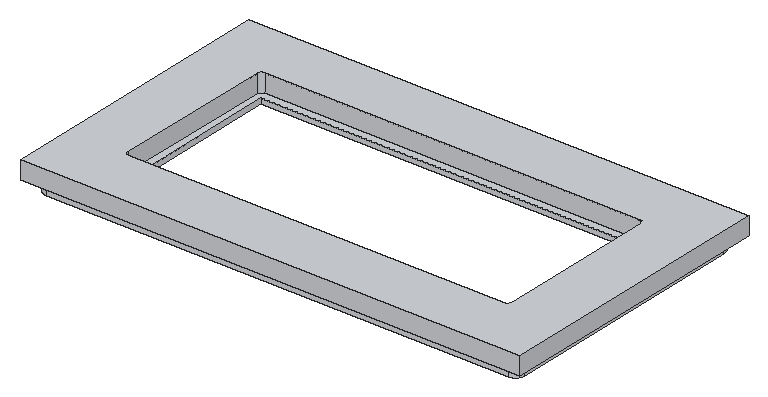
Revit family "Gira_100217", category Electrical Fixtures, host Face, Revit 2017
Family settings
  Host = Face
  Maintain Annotation Orientation = No
  Round Connector Dimension = Use Diameter
  Part Type = Normal
  Cut with Voids When Loaded = No
  Shared = No
  Room Calculation Point = No
Parameters (values of type "Cov.fr. 2-g w/o cb Gira Esprit alum.")
  With mounting grid = "No"
  With hinged lid = "No"
  URL = "http://katalog.gira.de/en/datenblatt.html?artikelnr=100217"
  Type of fastening = "Clamp mounting"
  Transparent = "No"
  Surface protection = "Other"
  Suitable for wall duct = "No"
  Suitable for flush-mounted installation = "Yes"
  Suitable for floor box = "No"
  Suitable for built-in installation = "No"
  Number of units vertical = "2"
  Number of units horizontal = "2"
  Number of units = "2"
  Name = "Cov.fr. 2-g w/o cb Gira Esprit alum."
  Mounting direction = "Horizontal and vertical"
  Material quality = "Aluminium"
  Material = "Metal"
  Manufacturer URL = "https://www.gira.de/"
  Manufacturer = "Gira"
  Label space/information surface = "No"
  Keynote = ""
  HeinzeBIM = "https://bimportal.heinze.de/bim/cov-fr-2-g-w-o-cb-gira-esprit-alum-/0704b59712cda1ca664f50238330a4ea0e40499e"
  Halogen free = "No"
  HAN = "100217"
  GTIN = "4010337002178"
  Description = "Cov.fr.2g w o cb Espr. AL,Gira Esprit cover frame,Aluminium,2-gang without crossbar,Features:,- Anodised aluminium E 1 EV 1."
  Degree of protection (IP) = "IP20"
  Default Elevation = 1219.2 mm
  Data sheet (1) = "https://katalog.gira.de/en/download.html?artikelnr=100217"
  Colour = "Aluminium"
  Category = "Cover frame for domestic switching devices"
  BIM (1) = "https://media.stage.bim.site/public/gira/36a6b08/Espr._Rahmen_2fach o.Mittelsteg.rfa?public/gira/36a6b08/Espr._Rahmen_2fach o.Mittelsteg.rfa"
  Available = "No"
Reference planes
  plane 1 "Center (Front/Back)": y = 0
  plane 2: z = 0
  plane 3 "Center (Left/Right)": x = 0
Forms (mm)
  Extrusion 1, solid, detail levels fine
    sketch origin (0, 0, 0) x (1, 0, 0) y (0, 1, 0)
      loop
        line (-83, 47.5) -> (-83, -47.5) -> (83, -47.5) -> (83, 47.5) -> (-83, 47.5)
      loop
        arc (-63.75, -26.7) -> (-63.311, -27.761) -> (-62.25, -28.2) r 1.5
        line (-62.25, -28.2) -> (62.25, -28.2)
        arc (62.25, -28.2) -> (63.311, -27.761) -> (63.75, -26.7) r 1.5
        line (63.75, -26.7) -> (63.75, 26.7)
        arc (63.75, 26.7) -> (63.311, 27.761) -> (62.25, 28.2) r 1.5
        line (62.25, 28.2) -> (-62.25, 28.2)
        arc (-62.25, 28.2) -> (-63.311, 27.761) -> (-63.75, 26.7) r 1.5
        line (-63.75, 26.7) -> (-63.75, -26.7)
    from 0 to 6
  Extrusion 2, solid, detail levels fine
    sketch origin (0, 0, 0) x (1, 0, 0) y (0, 1, 0)
      loop
        line (-61.518, -25.7) -> (61.45, -25.7) -> (61.45, 25.7) -> (-61.518, 25.7) -> (-61.518, -25.7)
      loop
        arc (-78.55, -41.3) -> (-78.023, -42.573) -> (-76.75, -43.1) r 1.8
        line (-76.75, -43.1) -> (77.95, -43.1)
        arc (77.95, -43.1) -> (79.223, -42.573) -> (79.75, -41.3) r 1.8
        line (79.75, -41.3) -> (79.75, 41.3)
        arc (79.75, 41.3) -> (79.223, 42.573) -> (77.95, 43.1) r 1.8
        line (77.95, 43.1) -> (-76.75, 43.1)
        arc (-76.75, 43.1) -> (-78.023, 42.573) -> (-78.55, 41.3) r 1.8
        line (-78.55, 41.3) -> (-78.55, -41.3)
    from -1.9 to 0
  Extrusion 3, solid, detail levels fine
    sketch origin (0, 0, 0) x (1, 0, 0) y (0, 1, 0)
      loop
        arc (-76.75, 44.4) -> (-78.871, 43.521) -> (-79.75, 41.4) r 3
        line (-79.75, 41.4) -> (-79.75, -41.4)
        arc (-79.75, -41.4) -> (-78.871, -43.521) -> (-76.75, -44.4) r 3
        line (-76.75, -44.4) -> (76.75, -44.4)
        arc (76.75, -44.4) -> (78.871, -43.521) -> (79.75, -41.4) r 3
        line (79.75, -41.4) -> (79.75, 41.4)
        arc (79.75, 41.4) -> (78.871, 43.521) -> (76.75, 44.4) r 3
        line (76.75, 44.4) -> (-76.75, 44.4)
      loop
        arc (-78.55, -41.4) -> (-78.023, -42.673) -> (-76.75, -43.2) r 1.8
        line (-76.75, -43.2) -> (76.75, -43.2)
        arc (76.75, -43.2) -> (78.023, -42.673) -> (78.55, -41.4) r 1.8
        line (78.55, -41.4) -> (78.55, 41.4)
        arc (78.55, 41.4) -> (78.023, 42.673) -> (76.75, 43.2) r 1.8
        line (76.75, 43.2) -> (-76.75, 43.2)
        arc (-76.75, 43.2) -> (-78.023, 42.673) -> (-78.55, 41.4) r 1.8
        line (-78.55, 41.4) -> (-78.55, -41.4)
    from -3.7 to 0
  Extrusion 4, solid, detail levels medium
    sketch origin (0, 0, 0) x (1, 0, 0) y (0, 1, 0)
      loop
        line (-83, 47.5) -> (-83, -47.5) -> (83, -47.5) -> (83, 47.5) -> (-83, 47.5)
    from 0 to 6
  Extrusion 5, solid, detail levels medium
    sketch origin (0, 0, 0) x (1, 0, 0) y (0, 1, 0)
      loop
        line (-79.75, 44.4) -> (-79.75, -44.4) -> (79.75, -44.4) -> (79.75, 44.4) -> (-79.75, 44.4)
    from -3.7 to 0
  Extrusion 6, solid, detail levels coarse
    sketch origin (0, 0, 0) x (1, 0, 0) y (0, 1, 0)
      loop
        line (-83, 47.5) -> (-83, -47.5) -> (83, -47.5) -> (83, 47.5) -> (-83, 47.5)
    from -3.7 to 6
Dimensions and locks
  aligned and locked: plane 2 to host face
  aligned and locked: level to host face
